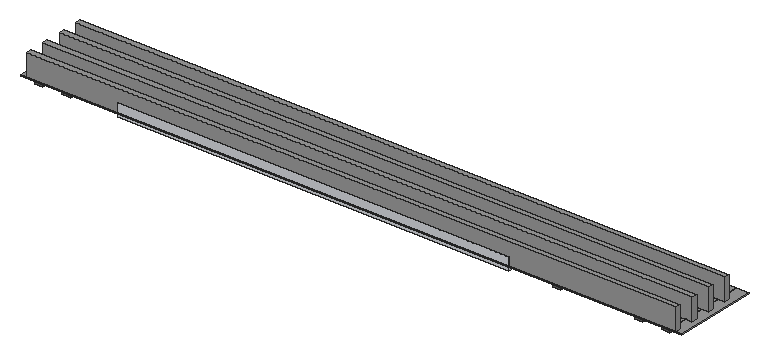
Revit family "1114-4, Veneer", category Generic Models, host Face, Revit 2020
Family settings
  Host = Face
  Can host rebar = No
  Round Connector Dimension = Use Diameter
  Part Type = Normal
  Cut with Voids When Loaded = No
  Shared = No
  Room Calculation Point = No
Parameters
  min_value [instance] = 1' - 11 1/4"  # constant formula
  max_value [instance] = 9' - 11 1/4"  # constant formula
  actual_value [instance] = if(NET LENGTH < min_value, min_value, if(NET LENGTH > max_value, max_value, NET LENGTH))  # 7' - 11 1/4"
  SCRIM MATERIAL [instance] = SCRIM
  SCRIM [instance] = yes
  NET LENGTH [instance] = 7' - 11 1/4"
  Default Elevation = 4' - 0"
  BACKER MATERIAL [instance] = BLACK-BACKERS
  .. MEMBER WIDTH [instance] = 0' - 0 3/4"  # constant formula
  .. MEMBER MATERIAL [instance] = Veneer Cherry
  .. MEMBER LENGTH [instance] = actual_value  # 7' - 11 1/4"
  .. MEMBER DEPTH [instance] = 0' - 3 1/4"  # constant formula
  .. MEMBER COUNT [instance] = 4  # constant formula
  IMPORTANT NOTE!!!                                                                             *Backer layout is for visualization purposes only, final layout to be determined by 9Wood. [instance] = ""
Reference planes (in)
  plane 1 "Center (Front/Back)": y = 0
  plane 2: z = 1.82209
  plane 3 "Center (Left/Right)": x = 0
Forms (in)
  Extrusion 1, solid
    sketch origin (132, -33.80483, 0) x (1, 0, 0) y (0, 1, 0)
      loop
        line (-118.625, 33.80483) -> (-61.26146, 33.80483) -> (-61.26146, 45.86733) -> (-118.625, 45.86733) -> (-118.625, 33.80483)
    from 1.82209 to 0
Dimensions and locks (in)
  aligned and locked: Extrusion 1 to plane 2
  aligned and locked: plane 3 "Center (Left/Right)" to nested 1
Nested families (in)
  nested 1: "1100 SERIES CONFIG" at (0, 2, 0), .. MEMBER DEPTH <- ".. MEMBER DEPTH", .. MEMBER LENGTH <- ".. MEMBER LENGTH", .. MEMBER WIDTH <- ".. MEMBER WIDTH", .. MEMBER MATERIAL <- ".. MEMBER MATERIAL", BACKING M MATERIAL <- "BACKER MATERIAL", SCRIM  MATERIAL <- "SCRIM MATERIAL", .. MEMBER COUNT <- ".. MEMBER COUNT", SCRIM <- "SCRIM", type "1100 SERIES CONFIG"
    with X 7' - 8", SCRIM OVERHANG 2 0' - 0 3/32", SCRIM OVERHANG 0' - 0 7/8", SCRIM LENGTH 8' - 1", SCRIM  MATERIAL SCRIM, SCRIM yes, NOMINAL LENGTH 7, N 8, Inset 6' - 0 3/8", INSET 0' - 1", INDEX 0' - 5 5/8", HALF MEMBER WIDTH 0' - 0 3/8", HALF LENGTH 3' - 11 5/8", END BACKER yes, BACKING M WIDTH 0' - 1 1/4", BACKING M OC SPACING 1' - 0", BACKING M MATERIAL BLACK-BACKERS, BACKING M LENGTH 0' - 11 7/8", BACKING M DEPTH 0' - 0 1/2", BACKING M COUNT 8, 3/16" INSET 0' - 0 3/16", .. MEMBER WIDTH 0' - 0 3/4", .. MEMBER OC SPACING 0' - 3", .. MEMBER MATERIAL Veneer Cherry, .. MEMBER LENGTH 7' - 11 1/4", .. MEMBER DEPTH 0' - 3 1/4", .. MEMBER COUNT 4
Definition of nested family "1100 SERIES CONFIG"
  Parameters (values of type "1100 SERIES CONFIG")
    X [instance] = .. MEMBER LENGTH - 0' 3 1/4"  # 5' - 5"
    SCRIM OVERHANG 2 [instance] = 0' - 0 3/32"  # constant formula
    SCRIM OVERHANG [instance] = 0' - 0 7/8"  # constant formula
    SCRIM LENGTH [instance] = .. MEMBER LENGTH + (SCRIM OVERHANG * 2)  # 5' - 10"
    SCRIM  MATERIAL [instance] = none
    SCRIM [instance] = yes
    NOMINAL LENGTH [instance] = 7
    N [instance] = if((X - (rounddown(X / 1' 0") * 1' 0")) > 1' 0", rounddown(X / 1' 0") + 2, rounddown(X / 1' 0") + 1)  # 6
    Inset [instance] = 6' - 0 3/8"  # constant formula
    INSET [instance] = 0' - 1"  # constant formula
    END BACKER [instance] = INDEX > 0' 3 5/8"  # yes
    INDEX [instance] = (.. MEMBER LENGTH - ((N - 1) * 1' 0")) / 2  # 0' - 4 1/8"
    HALF MEMBER WIDTH [instance] = .. MEMBER WIDTH / 2  # 0' - 0 5/16"
    HALF LENGTH [instance] = .. MEMBER LENGTH / 2  # 2' - 10 1/8"
    Default Elevation = 0' - 0"
    BACKING M WIDTH [instance] = 0' - 1 1/4"
    BACKING M SPACING = 3' - 3"
    BACKING M MATERIAL [instance] = none
    BACKING M LENGTH [instance] = 0' - 11 7/8"
    BACKING M DEPTH [instance] = 0' - 0 1/2"
    BACKING M COUNT [instance] = N  # 6
    BACKING M OC SPACING [instance] = 1' - 0"  # constant formula
    3/16" INSET [instance] = 0' - 0 3/16"  # constant formula
    .. MEMBER WIDTH [instance] = 0' - 0 5/8"
    .. MEMBER OC SPACING [instance] = 1' 0" / .. MEMBER COUNT  # 0' - 4"
    .. MEMBER MATERIAL [instance] = none
    .. MEMBER LENGTH [instance] = 5' - 8 1/4"
    .. MEMBER DEPTH [instance] = 0' - 1 3/8"
    .. MEMBER COUNT [instance] = 3
  Reference planes (in)
    plane 1 "Center (Front/Back)": y = -2
    plane 2: z = 0
    plane 3 "Center (Left/Right)": x = 0
    plane 4: x = 1
    plane 5: x = 4.125
    plane 6: x = 34.125
    plane 7: x = 68.25
    plane 8: x = 67.25
    plane 9: x = 16.125
    plane 10: y = -1.8125
    plane 11: y = -1.6875
    plane 12: y = 2.3125
    plane 13: x = 69.125
    plane 14: x = -0.875
    plane 15: z = 0.5
    plane 16: z = 0.5625
    plane 17: y = 10.0625
    plane 18: y = 10.15625
    plane 19: y = -2.09375
  Dimensions and locks (in)
    "INSET": plane 3 "Center (Left/Right)" to plane 4
    "INDEX": plane 3 "Center (Left/Right)" to plane 5
    "HALF LENGTH": plane 3 "Center (Left/Right)" to plane 6
    ".. MEMBER LENGTH": plane 3 "Center (Left/Right)" to plane 7
    "INSET": plane 8 to plane 7
    equal spacing: group 2, group 3, group 6, group 7, group 8, group 9  (x3)
    "3/16" INSET": plane 1 "Center (Front/Back)" to plane 10
    ".. MEMBER OC SPACING": plane 12 to plane 11
    "SCRIM OVERHANG": plane 14 to plane 3 "Center (Left/Right)"
    "SCRIM OVERHANG": plane 7 to plane 13
    equal spacing: group 1, group 4, group 5  (x2)
    equal spacing: group 5, group 4, group 1
    "HALF MEMBER WIDTH": plane 1 "Center (Front/Back)" to plane 11
    "BACKING M OC SPACING": plane 5 to plane 9
    "SCRIM OVERHANG 2": plane 18 to plane 17
    "SCRIM OVERHANG 2": plane 19 to plane 1 "Center (Front/Back)"
    aligned and locked: level to plane 2
    aligned and locked: plane 6 to nested 1
    aligned and locked: nested 2 to plane 4
    aligned and locked: plane 5 to nested 3
    aligned and locked: plane 1 "Center (Front/Back)" to nested 1
    aligned and locked: nested 2 to plane 10
    aligned and locked: nested 3 to plane 10
    aligned and locked: nested 5 to plane 10
    aligned and locked: nested 4 to plane 10
    aligned and locked: nested 6 to plane 14
    aligned and locked: plane 12 to nested 7
    aligned and locked: nested 7 to plane 3 "Center (Left/Right)"
    aligned and locked: plane 9 to nested 5
    aligned and locked: plane 8 to nested 4
    aligned and locked: plane 15 to nested 2
    aligned and locked: nested 6 to plane 15
    aligned and locked: nested 1 to plane 16
    aligned and locked: nested 7 to plane 16
    aligned and locked: nested 6 to plane 19
  Nested families (in)
    nested 1: "INSTANCE - Parametric Cube" at (34.125, -1.6875, 1.9375), Length <- ".. MEMBER WIDTH", Height <- ".. MEMBER DEPTH", Width <- ".. MEMBER LENGTH", Material <- ".. MEMBER MATERIAL", type "INSTANCE - Parametric Cube"
      with Width 5' - 8 1/4", Material none, Length 0' - 0 5/8", Height 0' - 1 3/8"
    nested 2: "2ND INSTANCE - Parametric Cube" at (1.625, 4.125, 0), Height <- "BACKING M DEPTH", Length <- "BACKING M LENGTH", Width <- "BACKING M WIDTH", Material <- "BACKING M MATERIAL", visible <- "END BACKER", type "2ND INSTANCE - Parametric Cube"
      with Width 0' - 1 1/4", Material none, Length 0' - 11 7/8", Height 0' - 0 1/2"
    nested 3: "2ND INSTANCE - Parametric Cube" at (4.125, 4.125, 0), Length <- "BACKING M LENGTH", Height <- "BACKING M DEPTH", Width <- "BACKING M WIDTH", Material <- "BACKING M MATERIAL", type "2ND INSTANCE - Parametric Cube"
      with Width 0' - 1 1/4", Material none, Length 0' - 11 7/8", Height 0' - 0 1/2"
    nested 4: "2ND INSTANCE - Parametric Cube" at (66.625, 4.125, 0), Width <- "BACKING M WIDTH", Length <- "BACKING M LENGTH", Height <- "BACKING M DEPTH", Material <- "BACKING M MATERIAL", visible <- "END BACKER", type "2ND INSTANCE - Parametric Cube"
      with Width 0' - 1 1/4", Material none, Length 0' - 11 7/8", Height 0' - 0 1/2"
    nested 5: "2ND INSTANCE - Parametric Cube" at (16.125, 4.125, 0), Length <- "BACKING M LENGTH", Height <- "BACKING M DEPTH", Width <- "BACKING M WIDTH", Material <- "BACKING M MATERIAL", type "2ND INSTANCE - Parametric Cube"
      with Width 0' - 1 1/4", Material none, Length 0' - 11 7/8", Height 0' - 0 1/2"
    nested 6: "3RD INSTANCE - Parametric Cube" at (34.125, 4.0445, 0.5), Width <- "SCRIM LENGTH", Material <- "SCRIM  MATERIAL", visible <- "SCRIM", type "3RD INSTANCE - Parametric Cube"
      with Width 5' - 10", Material none, Length 1' - 0.27649", Height 0' - 0 1/16"
    nested 7: "INSTANCE - Parametric Cube" at (34.125, 2.3125, 1.9375), Length <- ".. MEMBER WIDTH", Height <- ".. MEMBER DEPTH", Width <- ".. MEMBER LENGTH", Material <- ".. MEMBER MATERIAL", type "INSTANCE - Parametric Cube"
      with Width 5' - 8 1/4", Material none, Length 0' - 0 5/8", Height 0' - 1 3/8"
    nested 8: "INSTANCE - Parametric Cube" at (34.125, 6.3125, 1.9375), Length <- ".. MEMBER WIDTH", Height <- ".. MEMBER DEPTH", Width <- ".. MEMBER LENGTH", Material <- ".. MEMBER MATERIAL", type "INSTANCE - Parametric Cube"
      with Width 5' - 8 1/4", Material none, Length 0' - 0 5/8", Height 0' - 1 3/8"
    nested 9: "2ND INSTANCE - Parametric Cube" at (28.125, 4.125, 0), Length <- "BACKING M LENGTH", Height <- "BACKING M DEPTH", Width <- "BACKING M WIDTH", Material <- "BACKING M MATERIAL", type "2ND INSTANCE - Parametric Cube"
      with Width 0' - 1 1/4", Material none, Length 0' - 11 7/8", Height 0' - 0 1/2"
    nested 10: "2ND INSTANCE - Parametric Cube" at (40.125, 4.125, 0), Length <- "BACKING M LENGTH", Height <- "BACKING M DEPTH", Width <- "BACKING M WIDTH", Material <- "BACKING M MATERIAL", type "2ND INSTANCE - Parametric Cube"
      with Width 0' - 1 1/4", Material none, Length 0' - 11 7/8", Height 0' - 0 1/2"
    nested 11: "2ND INSTANCE - Parametric Cube" at (52.125, 4.125, 0), Length <- "BACKING M LENGTH", Height <- "BACKING M DEPTH", Width <- "BACKING M WIDTH", Material <- "BACKING M MATERIAL", type "2ND INSTANCE - Parametric Cube"
      with Width 0' - 1 1/4", Material none, Length 0' - 11 7/8", Height 0' - 0 1/2"
    nested 12: "2ND INSTANCE - Parametric Cube" at (64.125, 4.125, 0), Length <- "BACKING M LENGTH", Height <- "BACKING M DEPTH", Width <- "BACKING M WIDTH", Material <- "BACKING M MATERIAL", type "2ND INSTANCE - Parametric Cube"
      with Width 0' - 1 1/4", Material none, Length 0' - 11 7/8", Height 0' - 0 1/2"
  Definition of nested family "INSTANCE - Parametric Cube"
    Parameters (values of type "INSTANCE - Parametric Cube")
      Width [instance] = 0' - 6"
      Material [instance] = none
      Length [instance] = 1' - 0"
      Height [instance] = 1' - 6"
      Default Elevation = 0' - 0"
    Reference planes (in)
      plane 1 "Center (Front/Back)": y = 0
      plane 2: z = 0
      plane 3 "Center (Left/Right)": x = 0
      plane 4: x = -3
      plane 5: x = 3
      plane 6: y = 6
      plane 7: y = -6
      plane 8: z = -18
    Forms (in)
      Extrusion 1, solid, material <- "Material"
        sketch origin (0, 0, 0) x (1, 0, 0) y (0, 1, 0)
          loop
            line (-3, 6) -> (-3, -6) -> (3, -6) -> (3, 6) -> (-3, 6)
        from -18 to 0
    Dimensions and locks (in)
      equal spacing: plane 4, plane 3 "Center (Left/Right)", plane 5
      equal spacing: plane 6, plane 1 "Center (Front/Back)", plane 7
      "Length": plane 6 to plane 7
      "Width": plane 4 to plane 5
      "Height": plane 8 to level
      aligned and locked: plane 2 to level
      aligned and locked: Extrusion 1 sketch curve to plane 6
      aligned and locked: plane 4 to Extrusion 1 sketch curve
      aligned and locked: plane 7 to Extrusion 1 sketch curve
      aligned and locked: Extrusion 1 sketch curve to plane 5
      aligned and locked: Extrusion 1 to plane 8
  Definition of nested family "2ND INSTANCE - Parametric Cube"
    Parameters (values of type "2ND INSTANCE - Parametric Cube")
      Width [instance] = 0' - 6"
      Material [instance] = none
      Length [instance] = 1' - 0"
      Height [instance] = 1' - 6"
      Default Elevation = 0' - 0"
    Reference planes (in)
      plane 1 "Center (Front/Back)": y = 0
      plane 2: z = 0
      plane 3 "Center (Left/Right)": x = 0
      plane 4: x = -3
      plane 5: x = 3
      plane 6: y = 6
      plane 7: y = -6
      plane 8: z = 18
    Forms (in)
      Extrusion 1, solid, material <- "Material"
        sketch origin (0, 0, 0) x (1, 0, 0) y (0, 1, 0)
          loop
            line (-3, 6) -> (-3, -6) -> (3, -6) -> (3, 6) -> (-3, 6)
        from 0 to 18
    Dimensions and locks (in)
      equal spacing: plane 4, plane 3 "Center (Left/Right)", plane 5
      equal spacing: plane 6, plane 1 "Center (Front/Back)", plane 7
      "Length": plane 6 to plane 7
      "Width": plane 4 to plane 5
      "Height": level to plane 8
      aligned and locked: plane 2 to level
      aligned and locked: Extrusion 1 sketch curve to plane 6
      aligned and locked: plane 4 to Extrusion 1 sketch curve
      aligned and locked: plane 7 to Extrusion 1 sketch curve
      aligned and locked: Extrusion 1 sketch curve to plane 5
      aligned and locked: plane 8 to Extrusion 1
      aligned and locked: Extrusion 1 to level
  Definition of nested family "3RD INSTANCE - Parametric Cube"
    Parameters (values of type "3RD INSTANCE - Parametric Cube")
      Width [instance] = 0' - 6"
      Material [instance] = none
      Length [instance] = 1' - 0"
      Height [instance] = 1' - 6"
      Default Elevation = 0' - 0"
    Reference planes (in)
      plane 1 "Center (Front/Back)": y = 0
      plane 2: z = 0
      plane 3 "Center (Left/Right)": x = 0
      plane 4: x = -3
      plane 5: x = 3
      plane 6: y = 6
      plane 7: y = -6
      plane 8: z = 18
    Forms (in)
      Extrusion 1, solid, material <- "Material"
        sketch origin (0, 0, 0) x (1, 0, 0) y (0, 1, 0)
          loop
            line (-3, 6) -> (-3, -6) -> (3, -6) -> (3, 6) -> (-3, 6)
        from 0 to 18
    Dimensions and locks (in)
      equal spacing: plane 4, plane 3 "Center (Left/Right)", plane 5
      equal spacing: plane 6, plane 1 "Center (Front/Back)", plane 7
      "Length": plane 6 to plane 7
      "Width": plane 4 to plane 5
      "Height": level to plane 8
      aligned and locked: plane 2 to level
      aligned and locked: Extrusion 1 sketch curve to plane 6
      aligned and locked: plane 4 to Extrusion 1 sketch curve
      aligned and locked: plane 7 to Extrusion 1 sketch curve
      aligned and locked: Extrusion 1 sketch curve to plane 5
      aligned and locked: plane 8 to Extrusion 1
      aligned and locked: Extrusion 1 to level
